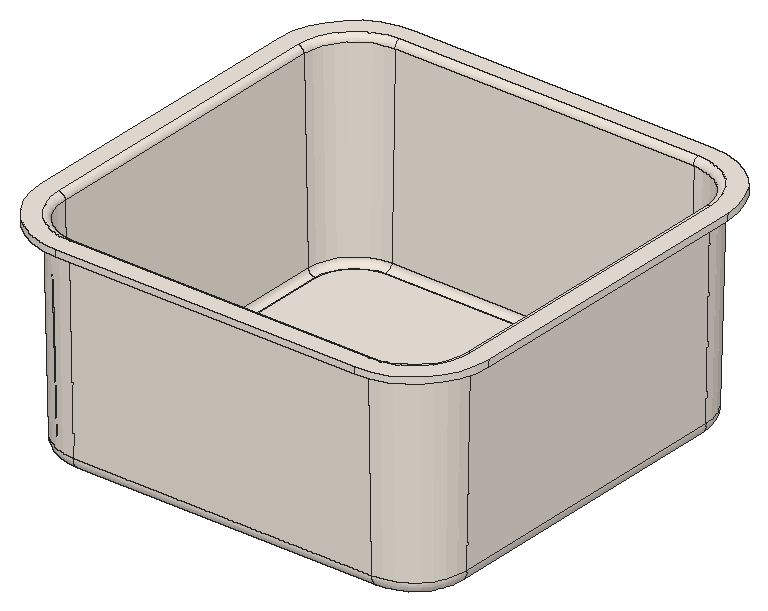
Revit family "Sink-Corian-Neat-804", category Plumbing Fixtures, host Face, Revit 2014
Parameters (values of type "804")
  Width = 1' - 5 5/8"
  WFU = 0
  Version = "2014 - v1.0a"  # constant formula
  URL = "http://www.dupont.com/products-and-services/construction-materials/surface-design-materials.html"
  Sink Colors Available = "Bisque, Bone, Cameo White, Designer White, Glacier White, Vanilla"
  Product Page URL = "http://www.dupont.com/products-and-services/construction-materials/surface-design-materials/brands/corian-solid-surfaces/products/corian-sinks.html"
  Model = "804"  # constant formula
  Manufacturer = "DuPont"  # constant formula
  Length = 1' - 5 5/8"
  Interior Width = 1' - 3 3/4"
  Interior Length = 1' - 3 3/4"
  HWFU = 0
  Finish = Solid Surface Sink - DuPont - Bisque
  Description = "Kitchen Sink North American Specification"  # constant formula
  Depth = 0' - 8 1/4"
  Default Elevation = 4' - 0"
  Cost = 0
  CWFU = 0
Reference planes (in)
  plane 1 "Center (Front/Back)": y = 0
  plane 2: z = 0
  plane 3 "Center (Left/Right)": x = 0
  plane 4: y = 8.8125
  plane 5: y = -8.8125
  plane 6: x = -8.8125
  plane 7: x = 8.8125
  plane 8: z = -8.72244
  plane 9: x = -7.875
  plane 10: x = 7.875
  plane 11: y = 7.875
  plane 12: y = -7.875
  plane 13 "NAME": z = -0.47244
  plane 14: y = -2.9375
  plane 15: y = 2.9375
  plane 16: x = 4.40625
Forms (in)
  Extrusion 1, void
    sketch origin (0, 0, 0) x (1, 0, 0) y (0, 1, 0)
      loop
        line (5.875, 7.86575) -> (-5.875, 7.86575)
        arc (-5.875, 7.86575) -> (-7.28268, 7.28268) -> (-7.86575, 5.875) r 1.99075
        line (-7.86575, 5.875) -> (-7.86575, -5.875)
        arc (-7.86575, -5.875) -> (-7.28268, -7.28268) -> (-5.875, -7.86575) r 1.99075
        line (-5.875, -7.86575) -> (5.875, -7.86575)
        arc (5.875, -7.86575) -> (7.28268, -7.28268) -> (7.86575, -5.875) r 1.99075
        line (7.86575, -5.875) -> (7.86575, 5.875)
        arc (7.86575, 5.875) -> (7.28268, 7.28268) -> (5.875, 7.86575) r 1.99075
    from -8.72244 to 0
  Sweep 2, solid, material "Solid Surface Sink - DuPont - Bisque" <- "Finish"
    path origin (-12.67972, -180, -0.47244) x (-1, 0, 0) y (0, -1, 0)
      loop
        arc (-6.80472, -187.875) -> (-5.3905, -187.28921) -> (-4.80472, -185.875) r 2
        line (-4.80472, -185.875) -> (-4.80472, -174.125)
        arc (-4.80472, -174.125) -> (-5.3905, -172.71079) -> (-6.80472, -172.125) r 2
        line (-6.80472, -172.125) -> (-18.55472, -172.125)
        arc (-18.55472, -172.125) -> (-19.96893, -172.71079) -> (-20.55472, -174.125) r 2
        line (-20.55472, -174.125) -> (-20.55472, -185.875)
        arc (-20.55472, -185.875) -> (-19.96893, -187.28921) -> (-18.55472, -187.875) r 2
        line (-18.55472, -187.875) -> (-6.80472, -187.875)
    profile origin (0, 7.875, -0.47244) x (0, 1, 0) y (0, 0, 1)
      loop
        arc (0.24057, 0) -> (0.06722, -0.06986) -> (-0.00925, -0.24039) r 0.25
        line (-0.00925, -0.24039) -> (-0.17801, -7.71909)
        arc (-0.17801, -7.71909) -> (-0.25401, -7.90258) -> (-0.4375, -7.97859) r 0.25949
        line (-0.4375, -7.97859) -> (-0.4375, -8.25)
        arc (-0.4375, -8.25) -> (-0.07755, -8.09955) -> (0.06828, -7.73771) r 0.50582
        line (0.06828, -7.73771) -> (0.23193, -0.46976)
        arc (0.23193, -0.46976) -> (0.30184, -0.31386) -> (0.46031, -0.25) r 0.22855
        line (0.46031, -0.25) -> (0.9375, -0.25) -> (0.9375, 0) -> (0.24057, 0)
  Extrusion 3, void, detail levels medium+fine
    sketch origin (-12.67972, -180, -0.47244) x (0, -1, 0) y (-1, 0, 0)
      loop
        circle (-180, -17.08597) r 1.75
    from 7.97859 to 8.25
  Extrusion 4, solid, material "Solid Surface Sink - DuPont - Bisque" <- "Finish"
    sketch origin (-12.67972, -180, -0.47244) x (-1, 0, 0) y (0, -1, 0)
      loop
        line (-5.24222, -185.875) -> (-5.24222, -174.125)
        arc (-5.24222, -174.125) -> (-5.69986, -173.02015) -> (-6.80472, -172.5625) r 1.5625
        line (-6.80472, -172.5625) -> (-18.55472, -172.5625)
        arc (-18.55472, -172.5625) -> (-19.65957, -173.02015) -> (-20.11722, -174.125) r 1.5625
        line (-20.11722, -174.125) -> (-20.11722, -186.375)
        arc (-20.11722, -186.375) -> (-19.80602, -187.1263) -> (-19.05472, -187.4375) r 1.0625
        line (-19.05472, -187.4375) -> (-6.80472, -187.4375)
        arc (-6.80472, -187.4375) -> (-5.69986, -186.97985) -> (-5.24222, -185.875) r 1.5625
    from -8.25 to -7.97859
Cuts and joins
  Extrusion 3 cuts Sweep 2
  Extrusion 3 cuts Extrusion 4
Lines and regions (in)
  Masking region 1
    outline origin (-12.67972, -180, -0.47244) x (-1, 0, 0) y (0, -1, 0)
      loop
        line (-18.55472, -188.8125) -> (-6.80472, -188.8125)
        arc (-6.80472, -188.8125) -> (-4.72759, -187.95213) -> (-3.86722, -185.875) r 2.9375
        line (-3.86722, -185.875) -> (-3.86722, -174.125)
        arc (-3.86722, -174.125) -> (-4.72759, -172.04787) -> (-6.80472, -171.1875) r 2.9375
        line (-6.80472, -171.1875) -> (-18.55472, -171.1875)
        arc (-18.55472, -171.1875) -> (-20.63184, -172.04787) -> (-21.49222, -174.125) r 2.9375
        line (-21.49222, -174.125) -> (-21.49222, -185.875)
        arc (-21.49222, -185.875) -> (-20.63184, -187.95213) -> (-18.55472, -188.8125) r 2.9375
      loop
        line (-18.55472, -187.86575) -> (-6.80472, -187.86575)
        arc (-6.80472, -187.86575) -> (-5.39704, -187.28268) -> (-4.81396, -185.875) r 1.99075
        line (-4.81396, -185.875) -> (-4.81396, -174.125)
        arc (-4.81396, -174.125) -> (-5.39704, -172.71732) -> (-6.80472, -172.13425) r 1.99075
        line (-6.80472, -172.13425) -> (-18.55472, -172.13425)
        arc (-18.55472, -172.13425) -> (-19.96239, -172.71732) -> (-20.54547, -174.125) r 1.99075
        line (-20.54547, -174.125) -> (-20.54547, -185.875)
        arc (-20.54547, -185.875) -> (-19.96239, -187.28268) -> (-18.55472, -187.86575) r 1.99075
  Masking region 2, detail levels medium+fine
    outline origin (-12.67972, -180, -0.47244) x (-1, 0, 0) y (0, -1, 0)
      loop
        circle (-17.08597, -180) r 1.75
  Masking region 3, detail levels fine
    outline origin (-12.67972, -180, -0.47244) x (-1, 0, 0) y (0, -1, 0)
      loop
        line (-19.05472, -187.4375) -> (-6.80472, -187.4375)
        arc (-6.80472, -187.4375) -> (-5.69986, -186.97985) -> (-5.24222, -185.875) r 1.5625
        line (-5.24222, -185.875) -> (-5.24222, -174.125)
        arc (-5.24222, -174.125) -> (-5.69986, -173.02015) -> (-6.80472, -172.5625) r 1.5625
        line (-6.80472, -172.5625) -> (-18.55472, -172.5625)
        arc (-18.55472, -172.5625) -> (-19.65957, -173.02015) -> (-20.11722, -174.125) r 1.5625
        line (-20.11722, -174.125) -> (-20.11722, -186.375)
        arc (-20.11722, -186.375) -> (-19.80602, -187.1263) -> (-19.05472, -187.4375) r 1.0625
Dimensions and locks (in)
  equal spacing: plane 4, plane 1 "Center (Front/Back)", plane 5
  equal spacing: plane 6, plane 3 "Center (Left/Right)", plane 7
  "Length": plane 4 to plane 5
  "Width": plane 6 to plane 7
  equal spacing: plane 9, plane 3 "Center (Left/Right)", plane 10
  equal spacing: plane 11, plane 1 "Center (Front/Back)", plane 12
  "Interior Width": plane 9 to plane 10
  "Interior Length": plane 11 to plane 12
  equal spacing: plane 4, plane 15, plane 14, plane 5
  locked: plane 2 to plane 13 "NAME" at 0.47244
  "Depth": plane 13 "NAME" to plane 8
  equal spacing: plane 3 "Center (Left/Right)", plane 16, plane 7
  locked: plane 4 to Sweep 2 sketch curve (angle 1.28992°)
  locked: profile plane to Sweep 2 sketch curve (angle 1.2927°)
  aligned and locked: plane 2 to host face
  aligned and locked: level to host face
  aligned and locked: Extrusion 1 to plane 8
  aligned and locked: level to Extrusion 1
  aligned and locked: plane 13 "NAME" to Sweep 2 sketch curve  (x2)
  aligned and locked: Extrusion 3 to plane 8
  aligned and locked: Sweep 2 sketch curve to plane 11
  aligned and locked: plane 12 to Sweep 2 sketch curve
  aligned and locked: plane 9 to Sweep 2 sketch curve
  aligned and locked: Sweep 2 sketch curve to plane 10
  aligned and locked: plane 8 to Sweep 2 sketch curve
  aligned and locked: Extrusion 3 to Sweep 2
  aligned and locked: Extrusion 4 sketch curve to cut or joined group of Sweep 2, Extrusion 3  (x3)
  aligned and locked: Extrusion 4 to plane 8
  aligned and locked: Extrusion 4 to cut or joined group of Sweep 2, Extrusion 3
  aligned and locked: plane 1 "Center (Front/Back)" to Extrusion 3 sketch curve
  aligned and locked: plane 16 to Extrusion 3 sketch curve
  aligned and locked: plane 4 to Sweep 2 sketch curve
  aligned and locked: Extrusion 1 sketch curve to cut or joined group of Sweep 2, Extrusion 3  (x4)
  aligned and locked: Masking region 1 sketch curve to cut or joined group of Sweep 2, Extrusion 3  (x8)
  aligned and locked: Masking region 2 sketch curve to cut or joined group of Extrusion 3, Extrusion 4  (x2)
  aligned and locked: Masking region 3 sketch curve to cut or joined group of Extrusion 3, Extrusion 4  (x4)
Automatic sketch dimensions
  host sketch curve to host sketch curve = 8' - 0"  (x2)
  Sweep 2 sketch curve to plane 13 "NAME" = 0' - 0.24039"
  Sweep 2 sketch curve to Sweep 2 sketch curve = 0' - 0.24629"
  Sweep 2 sketch curve to Sweep 2 sketch curve = 0' - 0.24118"
  Sweep 2 sketch curve to Sweep 2 sketch curve = 0' - 0.00864"
  Sweep 2 sketch curve to Sweep 2 sketch curve = 0' - 0.22838"
  Sweep 2 sketch curve to Sweep 2 sketch curve = 0' - 0 1/4"
  Sweep 2 sketch curve to Sweep 2 sketch curve = 0' - 0.21976"
  Sweep 2 sketch curve to Sweep 2 sketch curve = 0' - 0.02509"
  Sweep 2 sketch curve to plane 10 = 0' - 2"  (x2)
  Sweep 2 sketch curve to plane 14 = 0' - 2 15/16"
  plane 15 to Sweep 2 sketch curve = 0' - 2 15/16"
  Extrusion 4 sketch curve to plane 10 = 0' - 1 1/2"
  profile plane to Sweep 2 sketch curve = 0' - 0 7/16"
  profile plane to Sweep 2 sketch curve = 0' - 0.17801"
  radius of Extrusion 3 sketch curve = 0' - 1 3/4"
Connectors (in)
  piping at (4.40625, 0, -8.72244), diameter 3.5
    settings: on cut or joined group of Extrusion 3, Extrusion 4, index 1, connector inside diameter 24", connector length 0' - 0", flow factor 0, pipe flow 0 GPM, pressure drop 0.00 psi, fitting loss kfactor 0, connector angle 0.00°, fixture units 0, engagement length 0' - 0", angle of deflection 0.00°, flow configuration 0, flow direction 2, fitting loss method 0, system type 16, joint type 0, gender type 0, connector reference index -1, connector utility 0, adjustable connector no, is connector primary yes, connector description "Drain"
